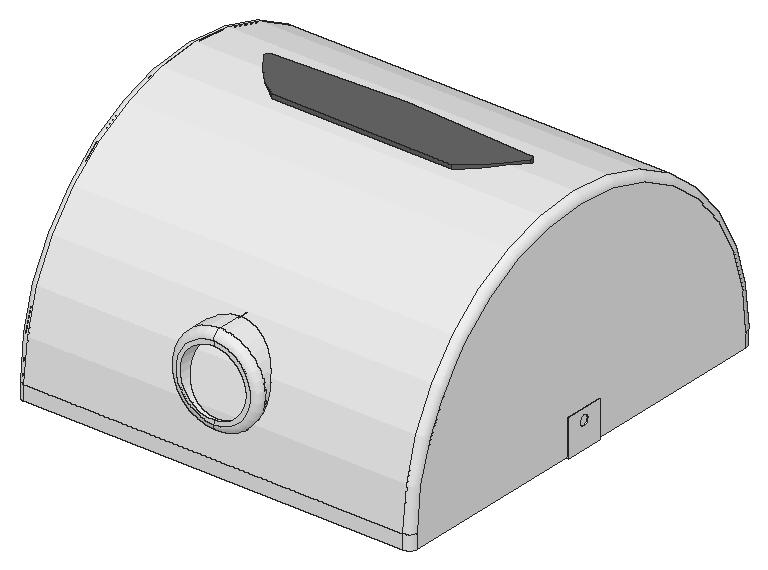
Revit family "Sanitary-Hand-&-Hair-Dryers-Sloan-Valve-EHD-501_", category Specialty Equipment, host Face, Revit 2020
Family settings
  Host = Face
  Round Connector Dimension = Use Diameter
  Part Type = Normal
  OmniClass Number = 23.40.20.21.14
  OmniClass Title = Hand and Hair Dryers
  Cut with Voids When Loaded = No
  Shared = No
  Room Calculation Point = No
Parameters (values of type "EHD-501-PW")
  z_Real Mounting Height [instance] = if(Mounting Height > 48", 48", Mounting Height)  # 35"
  Width = 11 15/16"  # constant formula
  Voltage = 120 V
  URL = "www.sloanvalve.com"
  Product data url = "https://bimobject.com/sloan_valve/product/hand-dryers_xlerator_EHD-501"
  Product Material = Sloan Valve - Finish - Polished White
  Product Guid = ""
  Power Factor = 1
  Part Number = "3366050"
  Number of Poles = 1
  Mounting Note [instance] = "Suggested Mounting Heights for Ideal Performance (from floor to bottom of dryer): Men: 45” (114 cm), Women: 43” (109 cm), Teenagers: 41” (104 cm), Children: 35” (89 cm), ADA: 37” (94 cm).\r\nNote: When mounting for any user ensure that it is mounted below the 48” ADA Maximum"  # constant formula
  Mounting Height [instance] = 35"
  Model = "EHD-501-PW"
  Manufacturer = "Sloan Valve"  # constant formula
  Keynote = "15410"
  Height = 12 7/8"  # constant formula
  Edition number = 1
  Description = "Sloan® XLERATOR® Sensor-Operated Wall - Surface Hand Dryer EHD-501 110/120V, Sloan® XLERATOR® Sensor-Operated Wall - Surface Hand Dryer."
  Depth = 6 7/8"  # constant formula
  Default Elevation = 0"
  Current = 11.3 A
  Connector Description = "Electrical Connection"  # constant formula
  Assembly Code = "C1030200"
  Apparent Load = (Voltage * Current) / (Power Factor * Number of Poles)  # 1356 VA
Types (10): name | Product Material | Part Number | Model | Description
  EHD-501-BN | Sloan Valve - Finish - Brushed Nickel | "3366122" | "EHD-501-BN" | "Sloan® XLERATOR® Sensor-Operated Wall - Surface Hand Dryer EHD-501 110/120V, Sloan® XLERATOR® Sensor-Operated Wall - Surface Hand Dryer."
  EHD-501-BN-HEPA | Sloan Valve - Finish - Brushed Nickel | "3366123" | "EHD-501-BN-HEPA" | "Sloan® XLERATOR® Sensor-Operated Wall - Surface Hand Dryer EHD-501, HEPA110/120V, Sloan® XLERATOR® Sensor-Operated Wall - Surface Hand Dryer."
  EHD-501-CP | Sloan Valve - Finish - Polished Chrome | "3366051" | "EHD-501-CP" | "Sloan® XLERATOR® Sensor-Operated Wall - Surface Hand Dryer EHD-501 110/120V, Sloan® XLERATOR® Sensor-Operated Wall - Surface Hand Dryer."
  EHD-501-CP-HEPA | Sloan Valve - Finish - Polished Chrome | "3366120" | "EHD-501-CP-HEPA" | "Sloan® XLERATOR® Sensor-Operated Wall - Surface Hand Dryer EHD-501, HEPA110/120V, Sloan® XLERATOR® Sensor-Operated Wall - Surface Hand Dryer."
  EHD-501-GR | Sloan Valve - Finish - Graphite | "3366061" | "EHD-501-GR" | "Sloan® XLERATOR® Sensor-Operated Wall - Surface Hand Dryer EHD-501 110/120V, Sloan® XLERATOR® Sensor-Operated Wall - Surface Hand Dryer."
  EHD-501-GR-HEPA | Sloan Valve - Finish - Graphite | "3366121" | "EHD-501-GR-HEPA" | "Sloan® XLERATOR® Sensor-Operated Wall - Surface Hand Dryer EHD-501, HEPA110/120V, Sloan® XLERATOR® Sensor-Operated Wall - Surface Hand Dryer."
  EHD-501-MW | Sloan Valve - Finish - Matte White | "3366070" | "EHD-501-MW" | "Sloan® XLERATOR® Sensor-Operated Wall - Surface Hand Dryer EHD-501 110/120V, Sloan® XLERATOR® Sensor-Operated Wall - Surface Hand Dryer."
  EHD-501-MW-HEPA | Sloan Valve - Finish - Matte White | "3366119" | "EHD-501-MW-HEPA" | "Sloan® XLERATOR® Sensor-Operated Wall - Surface Hand Dryer EHD-501, HEPA110/120V, Sloan® XLERATOR® Sensor-Operated Wall - Surface Hand Dryer."
  EHD-501-PW | Sloan Valve - Finish - Polished White | "3366050" | "EHD-501-PW" | "Sloan® XLERATOR® Sensor-Operated Wall - Surface Hand Dryer EHD-501 110/120V, Sloan® XLERATOR® Sensor-Operated Wall - Surface Hand Dryer."
  EHD-501-PW-HEPA | Sloan Valve - Finish - Polished White | "3366142" | "EHD-501-PW-HEPA" | "Sloan® XLERATOR® Sensor-Operated Wall - Surface Hand Dryer EHD-501, HEPA110/120V, Sloan® XLERATOR® Sensor-Operated Wall - Surface Hand Dryer."
Reference planes (in)
  plane 1 "Center (Front/Back)": y = 0
  plane 2: z = 0
  plane 3 "Center (Left/Right)": x = 0
  plane 4: y = 35
Dimensions and locks (in)
  "z_Real Mounting Height": plane 4 to plane 1 "Center (Front/Back)"
  aligned and locked: plane 2 to host face
  aligned and locked: level to host face
  aligned and locked: plane 3 "Center (Left/Right)" to nested 1
  aligned and locked: nested 1 to plane 4
Automatic sketch dimensions
  host sketch curve to host sketch curve = 96"  (x2)
Nested families (in)
  nested 1: "EHD-501" at (0, 41.4375, 0), type "Not a Type - Load Type Catalog"
Connectors (in)
  electrical at (0, 41.4375, 0), driven by "Number of Poles", driven by "Voltage", driven by "Apparent Load", driven by "Power Factor", driven by "Connector Description"
    settings: on nested 1, index 1, voltage 120 V, apparent load 0 VA, apparent load phase1 1356 VA, apparent load phase2 0 VA, apparent load phase3 0 VA, power factor 1, load classification "Other", number of poles 1, system type 31, power factor state 1, is connector primary yes, connector utility no, sub classification motor no, connector description "Electrical Connection"
Definition of nested family "EHD-501"
  Parameters
    Width = 11 15/16"  # constant formula
    Void Depth = 89 15/16"
    Void = 1/16"
    URL = ""
    Model = ""
    Material 2 = none
    Material 1 = none
    Manufacturer = ""
    Height = 12 7/8"  # constant formula
    Description = ""
    Depth = 6 7/8"  # constant formula
    Default Elevation = 41"
    Assembly Code = ""
  Types (2): name | URL | Model | Manufacturer | Description | Assembly Code
    (no name) | "" | "" | "" | "" | ""
    Not a Type - Load Type Catalog | "http://www.exceldryer.com/index.php" | "Wall Guard White" | "Excel Dryer" | "XLERATOR Hand Dryer" | "C1030200"
  Reference planes (in)
    plane 1 "Center (Front/Back)": y = 0
    plane 2: z = 0
    plane 3 "Center (Left/Right)": x = 0
    plane 4 "Top": y = 6.4375
    plane 5 "Bottom": y = -6.4375
    plane 6 "Front": z = 6.875
    plane 7 "Back": z = 0
    plane 8: x = -5.96875
    plane 9: x = 5.96875
    plane 10: z = 7
    plane 11: z = 6.90625
    plane 12: x = -6.03125
    plane 13: x = 6.03125
    plane 14: z = 6.8125
    plane 15: z = -3.06852
  Forms (in)
    Extrusion 1, solid
      sketch origin (0, 0, 0) x (1, 0, 0) y (0, 1, 0)
        loop
          line (-48, 48) -> (-48, -48) -> (48, -48) -> (48, 48) -> (-48, 48)
      from 0 to -12
    Revolve 2, solid, material <- "Material 1", detail levels medium+fine
      sketch origin (0, 0, 0) x (0, 1, 0) y (0, 0, 1)
        loop
          line (-4.44314, 3.87458) -> (-6.1875, 3.87458)
          arc (-6.1875, 3.87458) -> (-6.36428, 3.80136) -> (-6.4375, 3.62458) r 0.25
          line (-6.4375, 3.62458) -> (-6.4375, 3.49958) -> (-4.44314, 3.49958) -> (-4.44314, 3.87458)
        axis (-6.4375, 2.49958) -> (-4.44314, 2.49958)
      angle from 0 to 360
    Extrusion 3, solid, material <- "Material 1", detail levels medium+fine
      sketch origin (0.35593, -51.13237, 0) x (0, 0, -1) y (0, 1, 0)
        loop
          line (0, 51.71049) -> (-1.09375, 51.71049) -> (-1.09375, 50.55424) -> (0, 50.55424) -> (0, 51.71049)
        loop
          circle (-0.78125, 51.13237) r 0.16406
      from 5.61282 to 5.67532
    Extrusion 4, solid, material <- "Material 1", detail levels medium+fine
      sketch origin (-0.35593, -51.13237, 0) x (0, 0, -1) y (0, -1, 0)
        loop
          line (0, -51.71049) -> (0, -50.55424) -> (-1.09375, -50.55424) -> (-1.09375, -51.71049) -> (0, -51.71049)
        loop
          circle (-0.78125, -51.13237) r 0.16406
      from 5.61282 to 5.67532
    Extrusion 5, solid, material <- "Material 2"
      sketch origin (0.04435, -51.33689, -2.813) x (1, 0, 0) y (0, 1, 0)
        loop
          line (3.86006, 51.97545) -> (-0.04435, 52.18942) -> (-3.95772, 51.9752)
          arc (-3.95772, 51.9752) -> (-4.05821, 51.90997) -> (-4.05289, 51.79033) r 0.12047
          arc (-4.05289, 51.79033) -> (-3.48013, 51.06877) -> (-2.7679, 50.48445) r 4.33757
          line (-2.7679, 50.48445) -> (2.67896, 50.48445)
          arc (2.67896, 50.48445) -> (3.40875, 51.08675) -> (3.99056, 51.83298) r 4.33744
          arc (3.99056, 51.83298) -> (3.95666, 51.93293) -> (3.86006, 51.97545) r 0.13101
      from 9.53374 to 9.71925
    Sweep 6, solid, material <- "Material 1"
      path origin (0, 0, 0) x (0, 1, 0) y (0, 0, 1)
        loop
          line (-6.4375, 0) -> (-6.4375, 0.4375)
          arc (-6.4375, 0.4375) -> (0, 6.875) -> (6.4375, 0.4375) r 6.4375
          line (6.4375, 0.4375) -> (6.4375, 0)
      profile origin (0, 0, 6.875) x (0, 0, 1) y (1, 0, 0)
        loop
          line (0, -5.71875) -> (0, 5.71875)
          arc (0, 5.71875) -> (-0.07322, 5.89553) -> (-0.25, 5.96875) r 0.25
          line (-0.25, 5.96875) -> (-0.25, 5.90625)
          arc (-0.25, 5.90625) -> (-0.11742, 5.85133) -> (-0.0625, 5.71875) r 0.1875
          line (-0.0625, 5.71875) -> (-0.0625, -5.71875)
          arc (-0.0625, -5.71875) -> (-0.11742, -5.85133) -> (-0.25, -5.90625) r 0.1875
          line (-0.25, -5.90625) -> (-0.25, -5.96875)
          arc (-0.25, -5.96875) -> (-0.07322, -5.89553) -> (0, -5.71875) r 0.25
    Extrusion 7, solid, material <- "Material 1"
      sketch origin (0, 0, 0) x (0, 1, 0) y (0, 0, 1)
        loop
          line (-6.1875, 0.4375) -> (-6.1875, 0) -> (6.1875, 0) -> (6.1875, 0.4375)
          arc (6.1875, 0.4375) -> (0, 6.625) -> (-6.1875, 0.4375) r 6.1875
      from -5.96875 to 5.96875
  Cuts and joins
    joined: Sweep 6, Extrusion 7
  Lines and regions (in)
    Masking region 1
      outline origin (0, 0, 0) x (1, 0, 0) y (0, 0, 1)
        loop
          line (5.96875, 1.09375) -> (5.96875, 6.60679)
          arc (5.96875, 6.60679) -> (5.90208, 6.79526) -> (5.71875, 6.875) r 0.25062
          line (5.71875, 6.875) -> (4.03492, 6.875) -> (4.03492, 6.90625) -> (-4.02723, 6.90625) -> (-4.02723, 6.875) -> (-5.71875, 6.875)
          arc (-5.71875, 6.875) -> (-5.90208, 6.79526) -> (-5.96875, 6.60679) r 0.25062
          line (-5.96875, 6.60679) -> (-5.96875, 1.09375) -> (-6.03125, 1.09375) -> (-6.03125, 0) -> (6.03125, 0) -> (6.03125, 1.09375) -> (5.96875, 1.09375)
    symbolic lines, detail levels medium+fine
      curve 1: line (-5.96875, 0, 1.09375) -> (-5.96875, 0, 0)
      curve 2: line (5.96875, 0, 1.09375) -> (5.96875, 0, 0)
      curve 3: line (-4.02723, 0, 6.875) -> (4.03492, 0, 6.875)
  Dimensions and locks (in)
    equal spacing: plane 5 "Bottom", plane 1 "Center (Front/Back)", plane 4 "Top"
    "Height": plane 5 "Bottom" to plane 4 "Top"
    equal spacing: plane 8, plane 3 "Center (Left/Right)", plane 9
    "Width": plane 8 to plane 9
    "Depth": plane 6 "Front" to plane 7 "Back"
    plane 2 to plane 7 "Back" = 0"
    locked: Revolve 2 sketch curve to plane 7 "Back" at 2.49958
    Revolve 2 sketch curve to Revolve 2 sketch curve to Revolve 2 sketch curve to plane 7 "Back" = 1/4" locked, 1/8" locked, 3.49958" locked
    Revolve 2 sketch curve to Revolve 2 sketch curve to plane 5 "Bottom" = 1.74436" locked, 1/4" locked
    locked: Extrusion 4 sketch curve to plane 7 "Back" at 1.09375
    Extrusion 4 sketch curve to plane 1 "Center (Front/Back)" to Extrusion 4 sketch curve = 37/64" locked, 37/64" locked
    locked: plane 1 "Center (Front/Back)" to Extrusion 4 sketch curve at 0
    locked: Extrusion 4 sketch curve to plane 7 "Back" at 0.78125
    locked: Extrusion 3 sketch curve to plane 7 "Back" at 1.09375
    Extrusion 3 sketch curve to plane 1 "Center (Front/Back)" to Extrusion 3 sketch curve = 37/64" locked, 37/64" locked
    locked: plane 1 "Center (Front/Back)" to Extrusion 3 sketch curve at 0
    locked: Extrusion 3 sketch curve to plane 7 "Back" at 0.78125
    locked: plane 10 to plane 6 "Front" at 0.125
    locked: Extrusion 5 sketch curve to plane 1 "Center (Front/Back)" at 0.85244
    locked: plane 1 "Center (Front/Back)" to Extrusion 5 sketch curve at 0.63856
    locked: plane 1 "Center (Front/Back)" to Extrusion 5 sketch curve at 0.85252
    locked: plane 11 to plane 6 "Front" at 0.03125
    locked: plane 11 to Extrusion 5 at 0.18552
    locked: plane 6 "Front" to Sweep 6 sketch curve at 0
    Sweep 6 sketch curve to Sweep 6 sketch curve to Sweep 6 sketch curve to plane 6 "Front" = 0" locked, 3/16" locked, 1/16" locked
    equal spacing: Sweep 6 sketch curve, plane 6 "Front", Sweep 6 sketch curve
    Sweep 6 sketch curve to Sweep 6 sketch curve to plane 6 "Front" = 0" locked, 1/4" locked  (x2)
    plane 9 to Sweep 6 sketch curve to Sweep 6 sketch curve = 1/4" locked, 0" locked
    Sweep 6 sketch curve to Sweep 6 sketch curve to plane 8 = 0" locked, 1/4" locked
    locked: Extrusion 7 sketch curve to plane 5 "Bottom" at 0.25
    locked: plane 4 "Top" to Extrusion 7 sketch curve at 0.25
    locked: plane 6 "Front" to Extrusion 7 sketch curve at 0.25
    locked: plane 13 to plane 9 at 0.0625
    locked: plane 8 to plane 12 at 0.0625
    locked: plane 6 "Front" to plane 14 at 0.0625
    Masking region 1 sketch curve to Masking region 1 sketch curve to plane 6 "Front" = 0" locked, 0.25062" locked
    locked: Masking region 1 sketch curve to plane 8 at 0.25
    locked: plane 9 to Masking region 1 sketch curve at 0.25
    plane 12 to Extrusion 5 sketch curve to Extrusion 5 sketch curve to Extrusion 5 sketch curve to Extrusion 5 sketch curve = 2.00402" locked, 1.30369" locked, 5.44685" locked, 1.31211" locked
    aligned and locked: plane 2 to Extrusion 1
    aligned and locked: level to Extrusion 1
    aligned and locked: plane 5 "Bottom" to Revolve 2 sketch curve
    aligned and locked: plane 7 "Back" to Extrusion 4 sketch curve
    aligned and locked: Extrusion 3 sketch curve to plane 7 "Back"
    aligned and locked: Extrusion 3 to plane 9
    aligned and locked: plane 8 to Extrusion 4
    aligned and locked: plane 11 to Extrusion 5
    aligned and locked: Sweep 6 sketch curve to plane 4 "Top"
    aligned and locked: Sweep 6 sketch curve to plane 5 "Bottom"
    aligned and locked: plane 7 "Back" to Sweep 6 sketch curve  (x2)
    aligned and locked: Extrusion 7 sketch curve to plane 7 "Back"
    aligned and locked: plane 9 to Extrusion 7
    aligned and locked: Extrusion 7 to plane 8
    aligned and locked: Extrusion 4 to plane 12
    aligned and locked: Extrusion 3 to plane 13
    aligned and locked: Masking region 1 sketch curve to plane 6 "Front"
    aligned and locked: plane 8 to Masking region 1 sketch curve
    aligned and locked: Masking region 1 sketch curve to plane 9
    aligned and locked: plane 7 "Back" to Masking region 1 sketch curve
  Automatic sketch dimensions
    Extrusion 1 sketch curve to Extrusion 1 sketch curve = 96"  (x2)
    Extrusion 5 sketch curve to plane 3 "Center (Left/Right)" = 0"
    Extrusion 5 sketch curve to Extrusion 5 sketch curve = 0.18487"
    Extrusion 5 sketch curve to Extrusion 5 sketch curve = 0"
    Extrusion 5 sketch curve to Extrusion 5 sketch curve = 0.00002"
    Extrusion 5 sketch curve to Extrusion 5 sketch curve = 0.06445"
    Extrusion 5 sketch curve to Extrusion 5 sketch curve = 0.01147"
    plane 3 "Center (Left/Right)" to Extrusion 5 sketch curve = 0.3438"
    Extrusion 5 sketch curve to Extrusion 5 sketch curve = 0.00661"
    Extrusion 5 sketch curve to Extrusion 5 sketch curve = 0.09517"
    Extrusion 5 sketch curve to Extrusion 5 sketch curve = 0.13051"
    Extrusion 5 sketch curve to plane 3 "Center (Left/Right)" = 0.34403"
    Sweep 6 sketch curve to profile plane = 0"
    plane 5 "Bottom" to Revolve 2 sketch curve = 0.00114"
    Revolve 2 sketch curve to Revolve 2 sketch curve = 0.25451"
    Extrusion 5 sketch curve to plane 1 "Center (Front/Back)" = 0.45344"
    Masking region 1 sketch curve to plane 12 = 0"
    Masking region 1 sketch curve to plane 6 "Front" = 0"
    Masking region 1 sketch curve to plane 11 = 0"
    plane 13 to Masking region 1 sketch curve = 0"
    Masking region 1 sketch curve to Masking region 1 sketch curve = 1.69152"
    Masking region 1 sketch curve to Masking region 1 sketch curve = 1.68383"
    Masking region 1 sketch curve to Masking region 1 sketch curve = 1 3/32"  (x2)
    curve 1 to level = 0"
    curve 1 to plane 8 = 0"
    curve 3 to plane 6 "Front" = 0"
    curve 2 to level = 0"
    curve 2 to plane 9 = 0"
    plane 8 to curve 3 = 1.94152"
    curve 3 to plane 9 = 1.93383"
    level to curve 2 = 1 3/32"
    curve 1 to curve 1 = 1 3/32"
    radius of Extrusion 3 sketch curve = 21/128"
    radius of Extrusion 4 sketch curve = 21/128"
